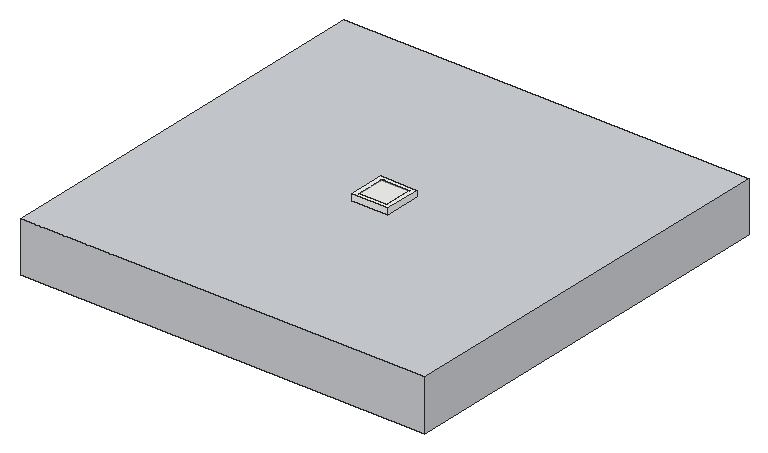
Revit family "MUSE CARRÉ", category Luminaires, Revit 2021
Family settings
  Hôte = Face
  Cote de connecteur circulaire = Utiliser le diamètre
  Type d'élément = Normal
  Numéro OmniClass = 23.80.70.11.14.11
  Titre OmniClass = Downlights
  Couper avec des vides une fois chargée = Oui
  Source d'éclairage = Oui
  Partagée = Oui
  Point de calcul de pièce = Oui
Parameters (values of type "759407")
  Épaisseur diffuseur = 2 mm
  Épaisseur = 35 mm
  URL = "https://www.resistex-sa.com/fr/muse-ca-2231lm-cct-1240.html"
  Tension = 230 V  # constant formula
  built-in parameter 1150107 = 4000 (stored number, unit not read)
  Wattage = 19.3 W
  built-in parameter 1150110 = 1 (stored number, unit not read)
  built-in parameter 1150109 = 1 (stored number, unit not read)
  built-in parameter 1114218 = 1 (stored number, unit not read)
  built-in parameter 1150113 = 1 (stored number, unit not read)
  built-in parameter 1150112 = 1 (stored number, unit not read)
  Nombre pôles = 1  # constant formula
  built-in parameter 1150137 = (empty or 0)
  built-in parameter 1150132 = (empty or 0)
  Modèle = "Muse"  # constant formula
  Matériau diffuseur = PC Transparent
  Matériau corps = PC Blanc
  Longueur diffuseur = 171 mm
  Longueur = 220 mm
  Largeur diffuseur = 171 mm
  Largeur = 220 mm
  built-in parameter 1150105 = 176.62 (stored number, unit not read)
  built-in parameter 1150102 = (empty or 0)
  Indice de charge = Eclairage
  Image du type = <Aucun>
  IP = "20"  # constant formula
  IK = "07"  # constant formula
  Gradation des changements de température de couleur de lampe = <Aucun>
  Garantie = "2 ans"  # constant formula
  Lumens = 2219.5 lm
  Color Filter = 16777215
  Fichier de distribution photométrique = "759407.ies"
  built-in parameter 1114217 = 1 (stored number, unit not read)
  built-in parameter 1150139 = (empty or 0)
  Fabricant = "Résistex"  # constant formula
  Emit from Rectangle Length = 1219.2 mm
  Emit from Rectangle Width = 609.6 mm
  Emit Shape Visible in Rendering = no
  Default Elevation = 0 mm
  built-in parameter 1150104 = 10.684 (stored number, unit not read)
  built-in parameter 1150106 = 1.7662 (stored number, unit not read)
  built-in parameter 1150115 = 1 (stored number, unit not read)
  built-in parameter 1150114 = 1 (stored number, unit not read)
  Distance fond réflecteur = 33 mm
  Description = "Downlight équipé d'un module LED, efficacité lumineuse de 115lm/W"
  Cost = 37.5
  built-in parameter 1150138 = (empty or 0)
  built-in parameter 1150134 = 12
  Commentaires relatifs à la puissance = "19.3W"
  Apparent Load = 20.53 VA
  Tilt Angle = 60.00°
  built-in parameter 1150133 = 10 (stored number, unit not read)
Types (3, lengths in mm): name | URL | Fichier de distribution photométrique | Cost
  (no name) | "https://www.resistex-sa.com/fr/muse-ca-2231lm-cct-1240.html" | "759407.ies" | 37.5
  759407 | "https://www.resistex-sa.com/fr/muse-ca-2231lm-cct-1240.html" | "759407.ies" | 37.5
  759408 | "https://www.resistex-sa.com/fr/muse-2231lm-cct-ir-4000k-1241.html" | "759408.ies" | 55
Reference planes
  plane 1 "Centre (avant/arrière)": y = 0
  plane 2: z = 0
  plane 3 "Centre (gauche/droite)": x = 0
  plane 4: x = -110
  plane 5: x = 110
  plane 6: y = 110
  plane 7: y = -110
  plane 8 "Fond diffuseur": z = 33
  plane 9: x = -85.5
  plane 10: x = 85.5
  plane 11: y = 85.5
  plane 12: y = -85.5
  plane 13: x = -85.5
  plane 14: x = 85.5
  plane 15: y = 85.5
  plane 16: y = -85.5
Forms (mm)
  Extrusion 1, solid
    sketch origin (0, 0, 0) x (1, 0, 0) y (0, 1, 0)
      loop
        line (-1219.2, 1219.2) -> (-1219.2, -1219.2) -> (1219.2, -1219.2) -> (1219.2, 1219.2) -> (-1219.2, 1219.2)
    from 0 to -304.8
  Extrusion 2, solid, material "PC Blanc" <- "Matériau corps"
    sketch origin (0, 0, 0) x (1, 0, 0) y (0, 1, 0)
      loop
        line (-110, 110) -> (-110, -110) -> (110, -110) -> (110, 110) -> (-110, 110)
    from 0 to 35 <- "Épaisseur"
  Extrusion 3, void
    sketch origin (0, 0, 33) x (-1, 0, 0) y (0, -1, 0)
      loop
        line (85.5, -85.5) -> (85.5, 85.5) -> (-85.5, 85.5) -> (-85.5, -85.5) -> (85.5, -85.5)
    from 0 to 2 <- "Épaisseur diffuseur"
  Extrusion 4, solid, material "PC Transparent" <- "Matériau diffuseur"
    sketch origin (0, 0, 33) x (-1, 0, 0) y (0, -1, 0)
      loop
        line (85.5, -85.5) -> (85.5, 85.5) -> (-85.5, 85.5) -> (-85.5, -85.5) -> (85.5, -85.5)
    from 0 to 2 <- "Épaisseur diffuseur"
Cuts and joins
  Extrusion 3 cuts Extrusion 2
Dimensions and locks
  "Largeur": plane 4 to plane 5
  equal spacing: plane 4, plane 3 "Centre (gauche/droite)", plane 5
  "Longueur": plane 6 to plane 7
  equal spacing: plane 6, plane 1 "Centre (avant/arrière)", plane 7
  "Distance fond réflecteur": plane 8 "Fond diffuseur" to Extrusion 1
  "Largeur diffuseur": plane 9 to plane 10
  plane 9 to imposter light to plane 10 = 85.5 mm, 85.5 mm
  "Longueur diffuseur": plane 12 to plane 11
  plane 12 to imposter light to plane 11 = 85.5 mm, 85.5 mm
  "Largeur diffuseur": plane 13 to plane 14
  plane 13 to imposter light to plane 14 = 85.5 mm, 85.5 mm
  "Longueur diffuseur": plane 16 to plane 15
  plane 15 to imposter light to plane 16 = 85.5 mm, 85.5 mm
  aligned and locked: plane 2 to Extrusion 1
  aligned and locked: level to Extrusion 1
  aligned and locked: Extrusion 2 sketch curve to plane 6
  aligned and locked: plane 4 to Extrusion 2 sketch curve
  aligned and locked: Extrusion 2 sketch curve to plane 7
  aligned and locked: Extrusion 2 sketch curve to plane 5
  aligned and locked: plane 11 to Extrusion 3 sketch curve
  aligned and locked: plane 9 to Extrusion 3 sketch curve
  aligned and locked: plane 12 to Extrusion 3 sketch curve
  aligned and locked: plane 10 to Extrusion 3 sketch curve
  aligned and locked: Extrusion 4 sketch curve to cut or joined group of Extrusion 2, Extrusion 3  (x4)
Automatic sketch dimensions
  Extrusion 1 sketch curve to Extrusion 1 sketch curve = 2438.4 mm  (x2)
Connectors
  electrical at (0, 0, 0), driven by "Nombre pôles", driven by "Indice de charge", driven by "Tension", driven by "Apparent Load"
    settings: on cut or joined group of Extrusion 2, Extrusion 3, index 1, voltage 230 V, apparent load 0 VA, apparent load phase1 20.53 VA, apparent load phase2 0 VA, apparent load phase3 0 VA, power factor 1, load classification "Eclairage", number of poles 1, system type 31, power factor state 1, is connector primary yes, connector utility no, sub classification motor no, connector description ""
